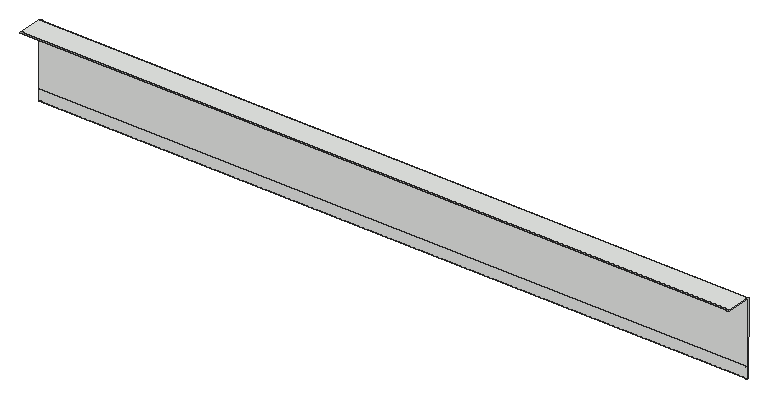
Revit family "profiles PR788 2015", category Generic Models, Revit 2015
Parameters (values of type "ISOLAMIN PR788 flashing")
  Profile Length [instance] = 1180 mm
Reference planes
  plane 1 "Center (Front/Back)": y = 0
  plane 2: z = 0
  plane 3 "Center (Left/Right)": x = 0
  plane 4: x = 1180
Forms (mm)
  Extrusion 1, solid, material "ISOLAMIN Surface Material"
    sketch origin (0, 69.768, -21.39) x (0, 1, 0) y (0, 0, 1)
      loop
        line (-109.395, 140.39) -> (-100.839, 140.39) -> (-100.839, 141.39) -> (-71.139, 141.39) -> (-71.139, 40.23) -> (-72.139, 40.23) -> (-72.139, 23.134)
        arc (-72.139, 23.134) -> (-71.139, 22.39) -> (-70.139, 23.134) r 1.044
        line (-70.139, 23.134) -> (-70.139, 141.69)
        arc (-70.139, 141.69) -> (-70.344, 142.185) -> (-70.839, 142.39) r 0.7
        line (-70.839, 142.39) -> (-109.395, 142.39)
        arc (-109.395, 142.39) -> (-110.139, 141.39) -> (-109.395, 140.39) r 1.044
    from 0 to 1180
Dimensions and locks
  "Profile Length": plane 3 "Center (Left/Right)" to plane 4
  aligned and locked: level to plane 2
  aligned and locked: plane 4 to Extrusion 1
Automatic sketch dimensions
  plane 1 "Center (Front/Back)" to Extrusion 1 sketch curve = 31.071 mm
  level to Extrusion 1 sketch curve = 119 mm
  Extrusion 1 sketch curve to Extrusion 1 sketch curve = 1 mm  (x4)
  Extrusion 1 sketch curve to Extrusion 1 sketch curve = 8.556 mm
  Extrusion 1 sketch curve to Extrusion 1 sketch curve = 29.7 mm
  Extrusion 1 sketch curve to Extrusion 1 sketch curve = 0 mm
  Extrusion 1 sketch curve to Extrusion 1 sketch curve = 0.3 mm  (x4)
  level to Extrusion 1 sketch curve = 1.744 mm
  Extrusion 1 sketch curve to Extrusion 1 sketch curve = 17.096 mm
